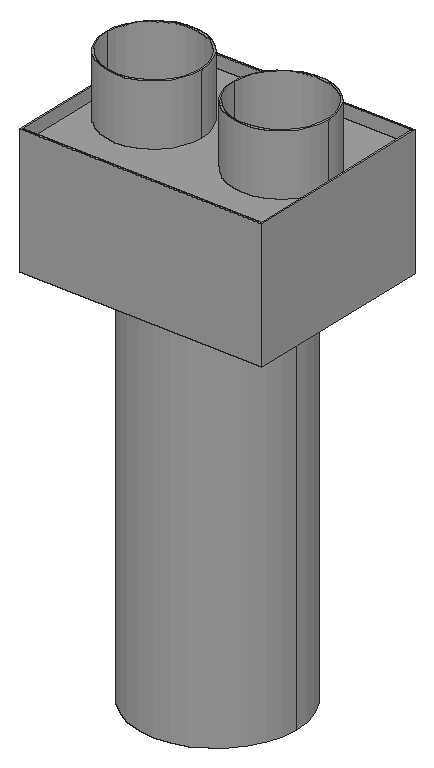
Revit family "CADS_AIRFLOWdev_AirflexPro_Round_StraightCeilingOutlet_Supply", category Duct Fittings, Revit 2019
Family settings
  Round Connector Dimension = Use Diameter
  Part Type = Wye
  Work Plane-Based = No
  Always vertical = Yes
  Cut with Voids When Loaded = No
  Shared = No
Parameters (values of type "CADS_AIRFLOWdev_AirflexPro_Round_StraightCeilingOutlet_Supply")
  f3 [instance] = f - f2  # 0.0 L/s
  f2 [instance] = 0.0 L/s
  f [instance] = 0.0 L/s
  WorkingPressure = 3000.0 Pa
  WeeklyMaintenance = "N/A"
  WarrantyStartDate [instance] = "1900-12-31T23:59:161"
  WarrantyPeriod = "0"
  WarrantyIdentifier = "N/A"
  WarrantyGuarantorParts = "info@airflow.com"
  WarrantyGuarantorLabor = "info@airflow.com"
  WarrantyGuarantor = "Airflow Developments Ltd"
  WarrantyEndDate [instance] = "1900-12-31T23:59:161"
  WarrantyContent = "N/A"
  Uniclass2015 = "Pr_30_59_96_92:Ventilation ducts"
  TemperatureRange = "up to 40°C"
  TagNumber [instance] = "N/A"
  SustainabilityPerformance = "N/A"
  Status = "New"
  Size = "445 x 200 x 150"
  ShippingWeight = 1.44 kg
  Shape = "Other"
  ServiceLifeType = "EXPECTEDSERVICELIFE"
  ServiceLifeDuration = "10"
  SerialNumber [instance] = "N/A"
  SAPApproval = yes
  RunID = "0"
  ReplacementCost = "79.104"
  Reinforcement = "N/A"
  RedDotDesignAward = no
  QuarterlyMaintenance = "N/A"
  Quantity = 1
  ProductionYear = "2017"
  ProductLiterature = "https://www.airflow.com/pdf/Accessories.pdf#page=3"
  PointOfContact = "Airflow Developments Ltd"
  PassiveHouseApproval = no
  NominalWidth = 200 mm
  NominalLength = 445 mm
  NominalHeight = 150 mm
  NBSCode = "45-80-50/394 Ventilation ducts"
  MonthlyMaintenance = "N/A"
  ModelReference [instance] = "9041141"
  ModelLabel [instance] = "Round straight ceiling/wall plenum"
  Material = "Steel"
  ManufacturerWebsite = "www.airflow.com"
  ManufacturerTelephone = "01494 525252"
  ManufacturerE-Mail = "info@airflow.com"
  ManufacturerAddress = "Aidelle House\nLancaster Road\nCressex Business Park\nHigh Wycombe\nBucks\nHP123QP"
  Manufacturer = "Airflow Developments Ltd"
  MaintenanceRequired8001to12000hrs = "N/A"
  MaintenanceRequired601to1000hrs = "N/A"
  MaintenanceRequired4001to8000hrs = "N/A"
  MaintenanceRequired301to600hrs = "N/A"
  MaintenanceRequired2001to4000hrs = "N/A"
  MaintenanceRequired1001to2000hrs = "N/A"
  MaintenanceRequired0to300hrs = "N/A"
  LongitudinalSeam = "None"
  IsExtendedWarranty = no
  InstallationDate [instance] = "1900-12-31T23:59:161"
  ISO90001 = yes
  ISO140001 = yes
  GrossWeight = 1.20 kg
  Grade = "Stainless"
  GlobalTradeItemNumber [instance] = "5019009305752"
  Fitting Type = "Ignore"
  FireControlPanelLinks = no
  Finish = "Lacquer"
  Features = "Round straight ceiling/wall plenum"
  ExpectedServiceLife = 10
  Exclusions = "N/A"
  DurationUnit = "Year"
  DailyMaintenance = "N/A"
  Constituents = "Round straight ceiling/wall plenum"
  Color = "Silver"
  CodePerformance = "N/A"
  CEApproval = yes
  CADS_Index = 0
  BespokeTimeFrameMaintenance = "N/A"
  AssetType = "FIXED"
  AssetIdentifier [instance] = "N/A"
  AssemblyPlace = "UNKNOWN"
  ArticleNumber [instance] = "N/A"
  AnnualMaintenance = "N/A"
  AirflowRateRange = 18.0 L/s
  AdjustableLengthCheck [instance] = if(AdjustableLength > 310 mm, 310 mm, AdjustableLength)  # 310 mm
  AdjustableLength [instance] = 310 mm
  AccessibilityPerformance = "N/A"
  AF_Body = AF_Grey
  6MonthlyMaintenance = "Visually inspect system, clean the fan and ducting if necessary"
Types (2, lengths in mm): name | WorkingPressure | WeeklyMaintenance | WarrantyStartDate | WarrantyPeriod | WarrantyIdentifier | WarrantyGuarantorParts | WarrantyGuarantorLabor | WarrantyGuarantor | WarrantyEndDate | WarrantyContent | Uniclass2015 | TemperatureRange | TagNumber | SustainabilityPerformance | Status | Size | ShippingWeight | Shape | ServiceLifeType | ServiceLifeDuration | SerialNumber | ReplacementCost | Reinforcement | RedDotDesignAward | QuarterlyMaintenance | Quantity | ProductionYear | ProductLiterature | PointOfContact | PassiveHouseApproval | NominalWidth | NominalLength | NominalHeight | NBSCode | MonthlyMaintenance | ModelReference | ModelLabel | Material | ManufacturerWebsite | ManufacturerTelephone | ManufacturerE-Mail | ManufacturerAddress | MaintenanceRequired8001to12000hrs | MaintenanceRequired601to1000hrs | MaintenanceRequired4001to8000hrs | MaintenanceRequired301to600hrs | MaintenanceRequired2001to4000hrs | MaintenanceRequired1001to2000hrs | MaintenanceRequired0to300hrs | LongitudinalSeam | IsExtendedWarranty | InstallationDate | GrossWeight | Grade | GlobalTradeItemNumber | Fitting Type | FireControlPanelLinks | Finish | Features | ExpectedServiceLife | Exclusions | DurationUnit | DailyMaintenance | Constituents | Color | CodePerformance | BespokeTimeFrameMaintenance | AssetType | AssetIdentifier | AssemblyPlace | ArticleNumber | AnnualMaintenance | AirflowRateRange | AccessibilityPerformance | 6MonthlyMaintenance
  CADS_AIRFLOWdev_AirFlex_Round_WallPlenum | 0.0 Pa | "" | "" | "" | "" | "" | "" | "" | "" | "" | "" | "" | "" | "" | "" | "" | 0.00 kg | "" | "" | "" | "" | "" | "" | yes | "" | 0 | "" | "" | "" | yes | 0 | 0 | 0 | "" | "" | "" | "" | "" | "" | "" | "" | "" | "" | "" | "" | "" | "" | "" | "" | "" | yes | "" | 0.00 kg | "" | "" | "" | yes | "" | "" | 0 | "" | "" | "" | "" | "" | "" | "" | "" | "" | "" | "" | "" | 0.0 L/s | "" | ""
  CADS_AIRFLOWdev_AirflexPro_Round_StraightCeilingOutlet_Supply | 3000.0 Pa | "N/A" | "1900-12-31T23:59:161" | "0" | "N/A" | "info@airflow.com" | "info@airflow.com" | "Airflow Developments Ltd" | "1900-12-31T23:59:161" | "N/A" | "Pr_30_59_96_92:Ventilation ducts" | "up to 40°C" | "N/A" | "N/A" | "New" | "445 x 200 x 150" | 1.44 kg | "Other" | "EXPECTEDSERVICELIFE" | "10" | "N/A" | "79.104" | "N/A" | no | "N/A" | 1 | "2017" | "https://www.airflow.com/pdf/Accessories.pdf#page=3" | "Airflow Developments Ltd" | no | 200 | 445 | 150 | "45-80-50/394 Ventilation ducts" | "N/A" | "9041141" | "Round straight ceiling/wall plenum" | "Steel" | "www.airflow.com" | "01494 525252" | "info@airflow.com" | "Aidelle House\nLancaster Road\nCressex Business Park\nHigh Wycombe\nBucks\nHP123QP" | "N/A" | "N/A" | "N/A" | "N/A" | "N/A" | "N/A" | "N/A" | "None" | no | "1900-12-31T23:59:161" | 1.20 kg | "Stainless" | "5019009305752" | "Ignore" | no | "Lacquer" | "Round straight ceiling/wall plenum" | 10 | "N/A" | "Year" | "N/A" | "Round straight ceiling/wall plenum" | "Silver" | "N/A" | "N/A" | "FIXED" | "N/A" | "UNKNOWN" | "N/A" | "N/A" | 18.0 L/s | "N/A" | "Visually inspect system, clean the fan and ducting if necessary"
Reference planes
  plane 1 "Center (Front/Back)": y = 0
  plane 2: z = 0
  plane 3 "Center (Left/Right)": x = 0
  plane 4: y = -147.5
  plane 5: y = -106
  plane 6: x = -95
  plane 7: x = 95
  plane 8 "CL Spigot": z = 350.5
  plane 9: z = 310
  plane 10 "top": z = 391
Forms (mm)
  Extrusion 1, solid, material "AF_Grey" <- "AF_Body"
    sketch origin (0, 0, 350.5) x (-1, 0, 0) y (0, -1, 0)
      loop
        line (-95, -75) -> (95, -75) -> (95, 75) -> (-95, 75) -> (-95, -75)
    from -40.5 to 40.5
  Extrusion 2, solid, material "AF_Grey" <- "AF_Body"
    sketch origin (0, 0, 350.5) x (-1, 0, 0) y (0, -1, 0)
      loop
        circle (0, 0) r 62.5
      loop
        circle (0, 0) r 61.5
    from -350.5 to 0
  Extrusion 3, solid, material "AF_Grey" <- "AF_Body"
    sketch origin (-9.062, 357.081, 391) x (-1, 0, 0) y (0, -1, 0)
      loop
        circle (40.938, 357.081) r 38
      loop
        circle (-59.062, 357.081) r 38
    from 48 to 0
  Extrusion 4, void
    sketch origin (-9.062, 357.081, 391) x (-1, 0, 0) y (0, -1, 0)
      loop
        circle (40.938, 357.081) r 37
      loop
        circle (-59.062, 357.081) r 37
    from 48 to 1
  Sweep 5, solid, material "AF_Grey" <- "AF_Body"
    path in 3D
      loop
        line (95, -75, 391) -> (95, 75, 391) -> (-95, 75, 391) -> (-95, -75, 391) -> (95, -75, 391)
    profile origin (0, -75, 391) x (0, 1, 0) y (0, 0, 1)
      loop
        line (0, 0) -> (1, 0) -> (1, 10) -> (0, 10) -> (0, 0)
      loop
        line (0, -81) -> (0, -91) -> (1, -91) -> (1, -81) -> (0, -81)
Cuts and joins
  joined: Extrusion 1, Extrusion 2, Sweep 5
  Extrusion 4 cuts Extrusion 3
Lines and regions (mm)
  sketch lines
    curve 1: line (-95, -75, 391) -> (95, -75, 391)
    curve 2: line (-95, 75, 391) -> (-95, -75, 391)
    curve 3: line (95, 75, 391) -> (-95, 75, 391)
    curve 4: line (95, -75, 391) -> (95, 75, 391)
Dimensions and locks
  plane 10 "top" to plane 8 "CL Spigot" to plane 9 = 40.5 mm locked, 40.5 mm locked
  equal spacing: Extrusion 3 sketch curve, plane 3 "Center (Left/Right)", Extrusion 3 sketch curve
  "AdjustableLengthCheck": plane 9 to plane 2
  Extrusion 3 sketch curve to plane 3 "Center (Left/Right)" to Extrusion 3 sketch curve = 50 mm, 50 mm
  aligned and locked: level to plane 2
  aligned and locked: level to Extrusion 2
  aligned and locked: Extrusion 2 to plane 8 "CL Spigot"
Automatic sketch dimensions
  Extrusion 2 sketch curve to Extrusion 2 sketch curve = 0 mm  (x2)
  plane 1 "Center (Front/Back)" to Extrusion 2 sketch curve = 0 mm
  Extrusion 2 sketch curve to plane 3 "Center (Left/Right)" = 0 mm
  Extrusion 1 sketch curve to plane 7 = 0 mm
  Extrusion 1 sketch curve to plane 6 = 0 mm
  Extrusion 1 sketch curve to plane 1 "Center (Front/Back)" = 75 mm
  plane 5 to Extrusion 1 sketch curve = 31 mm
  plane 4 to Extrusion 3 sketch curve = 147.5 mm
  Extrusion 3 sketch curve to Extrusion 3 sketch curve = 0 mm
  Sweep 5 sketch curve to profile plane = 0 mm  (x3)
  Sweep 5 sketch curve to profile plane = 1 mm  (x2)
  Sweep 5 sketch curve to profile plane = 81 mm
  Sweep 5 sketch curve to Sweep 5 sketch curve = 10 mm
  profile plane to Sweep 5 sketch curve = 10 mm
  radius of Extrusion 2 sketch curve = 62.5 mm
  radius of Extrusion 2 sketch curve = 61.5 mm
  radius of Extrusion 4 sketch curve to Extrusion 3 = 1 mm  (x2)
  radius of Extrusion 3 sketch curve = 38 mm  (x2)
Connectors
  hvac at (0, 0, 0), driven by "f"
    settings: on cut or joined group of Extrusion 1, Extrusion 2, Sweep 5, index 1, duct flow 0.0 L/s, flow factor 0, pres drop 0.0 Pa, loss coef 0, conn angle 0.00°, conn width 304.8 mm, conn height 304.8 mm, conn diameter 125 mm, duct sys type 1, conn prof type 0, flow config 0, flow direction 2, loss method 0, conn ref index -1, conn util no, is conn primary yes, conn desc ""
  hvac at (-50, 0, 392), driven by "f2"
    settings: on cut or joined group of Extrusion 3, Extrusion 4, index 2, duct flow 0.0 L/s, flow factor 0, pres drop 0.0 Pa, loss coef 0, conn angle 0.00°, conn width 304.8 mm, conn height 304.8 mm, conn diameter 75 mm, duct sys type 1, conn prof type 0, flow config 0, flow direction 1, loss method 0, conn ref index -1, conn util no, is conn primary no, conn desc ""
  hvac at (50, 0, 392), driven by "f"
    settings: on cut or joined group of Extrusion 3, Extrusion 4, index 4, duct flow 0.0 L/s, flow factor 0, pres drop 0.0 Pa, loss coef 0, conn angle 0.00°, conn width 304.8 mm, conn height 304.8 mm, conn diameter 75 mm, duct sys type 1, conn prof type 0, flow config 0, flow direction 1, loss method 0, conn ref index -1, conn util no, is conn primary no, conn desc ""
